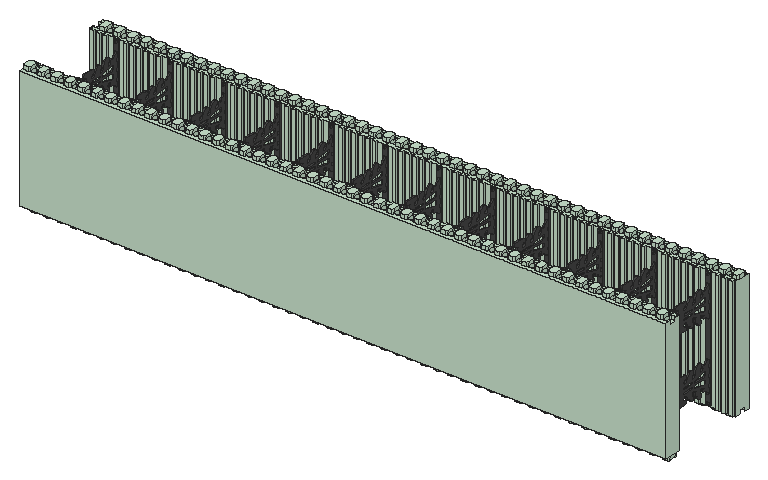
Revit family
Reference planes
  plane 1 "Center (Front/Back)": y = 0
  plane 2: z = 0
  plane 3 "Center (Left/Right)": x = 0
Forms (mm)
  Extrusion 1, solid, material "NUDURA Expanded Polystyrene Foam Insulation"
    sketch origin (0, 0.082, 0) x (1, 0, 0) y (0, 1, 0)
      loop
        line (7.142, 133.35) -> (5.558, 127) -> (19.842, 127) -> (18.258, 133.35) -> (32.542, 133.35) -> (30.958, 127) -> (45.242, 127) -> (43.658, 133.35) -> (57.942, 133.35) -> (56.358, 127) -> (70.642, 127) -> (69.058, 133.35) -> (134.142, 133.35) -> (132.558, 127) -> (146.842, 127) -> (145.258, 133.35) -> (159.542, 133.35) -> (157.958, 127) -> (172.242, 127) -> (170.658, 133.35) -> (184.942, 133.35) -> (183.358, 127) -> (197.642, 127) -> (196.058, 133.35) -> (210.342, 133.35) -> (208.758, 127) -> (223.042, 127) -> (221.458, 133.35) -> (235.742, 133.35) -> (234.158, 127) -> (248.442, 127) -> (246.858, 133.35) -> (261.142, 133.35) -> (259.558, 127) -> (273.842, 127) -> (272.258, 133.35) -> (337.342, 133.35) -> (335.758, 127) -> (350.042, 127) -> (348.458, 133.35) -> (362.742, 133.35) -> (361.158, 127) -> (375.442, 127) -> (373.858, 133.35) -> (388.142, 133.35) -> (386.558, 127) -> (400.842, 127) -> (399.258, 133.35) -> (413.542, 133.35) -> (411.958, 127) -> (426.242, 127) -> (424.658, 133.35) -> (438.942, 133.35) -> (437.358, 127) -> (451.642, 127) -> (450.058, 133.35) -> (464.342, 133.35) -> (462.758, 127) -> (477.042, 127) -> (475.458, 133.35) -> (540.542, 133.35) -> (538.958, 127) -> (553.242, 127) -> (551.658, 133.35) -> (565.942, 133.35) -> (564.358, 127) -> (578.642, 127) -> (577.058, 133.35) -> (591.342, 133.35) -> (589.758, 127) -> (604.042, 127) -> (602.458, 133.35) -> (616.742, 133.35) -> (615.158, 127) -> (629.442, 127) -> (627.858, 133.35) -> (642.142, 133.35) -> (640.558, 127) -> (654.842, 127) -> (653.258, 133.35) -> (667.542, 133.35) -> (665.958, 127) -> (680.242, 127) -> (678.658, 133.35) -> (743.742, 133.35) -> (742.158, 127) -> (756.442, 127) -> (754.858, 133.35) -> (769.142, 133.35) -> (767.558, 127) -> (781.842, 127) -> (780.258, 133.35) -> (794.542, 133.35) -> (792.958, 127) -> (807.242, 127) -> (805.658, 133.35) -> (819.942, 133.35) -> (818.358, 127) -> (832.642, 127) -> (831.058, 133.35) -> (845.342, 133.35) -> (843.758, 127) -> (858.042, 127) -> (856.458, 133.35) -> (870.742, 133.35) -> (869.158, 127) -> (883.442, 127) -> (881.858, 133.35) -> (946.942, 133.35) -> (945.358, 127) -> (959.642, 127) -> (958.058, 133.35) -> (972.342, 133.35) -> (970.758, 127) -> (985.042, 127) -> (983.458, 133.35) -> (997.742, 133.35) -> (996.158, 127) -> (1010.442, 127) -> (1008.858, 133.35) -> (1023.142, 133.35) -> (1021.558, 127) -> (1035.842, 127) -> (1034.258, 133.35) -> (1048.542, 133.35) -> (1046.958, 127) -> (1061.242, 127) -> (1059.658, 133.35) -> (1073.942, 133.35) -> (1072.358, 127) -> (1086.642, 127) -> (1085.058, 133.35) -> (1150.142, 133.35) -> (1148.558, 127) -> (1162.842, 127) -> (1161.258, 133.35) -> (1175.542, 133.35) -> (1173.958, 127) -> (1188.242, 127) -> (1186.658, 133.35) -> (1200.942, 133.35) -> (1199.358, 127) -> (1213.642, 127) -> (1212.058, 133.35) -> (1226.342, 133.35) -> (1224.758, 127) -> (1239.042, 127) -> (1237.458, 133.35) -> (1251.742, 133.35) -> (1250.158, 127) -> (1264.442, 127) -> (1262.858, 133.35) -> (1277.142, 133.35) -> (1275.558, 127) -> (1289.842, 127) -> (1288.258, 133.35) -> (1353.342, 133.35) -> (1351.758, 127) -> (1366.042, 127) -> (1364.458, 133.35) -> (1378.742, 133.35) -> (1377.158, 127) -> (1391.442, 127) -> (1389.858, 133.35) -> (1404.142, 133.35) -> (1402.558, 127) -> (1416.842, 127) -> (1415.258, 133.35) -> (1429.542, 133.35) -> (1427.958, 127) -> (1442.242, 127) -> (1440.658, 133.35) -> (1454.942, 133.35) -> (1453.358, 127) -> (1467.642, 127) -> (1466.058, 133.35) -> (1480.342, 133.35) -> (1478.758, 127) -> (1493.042, 127) -> (1491.458, 133.35) -> (1556.542, 133.35) -> (1554.958, 127) -> (1569.242, 127) -> (1567.658, 133.35) -> (1581.942, 133.35) -> (1580.358, 127) -> (1594.642, 127) -> (1593.058, 133.35) -> (1607.342, 133.35) -> (1605.758, 127) -> (1620.042, 127) -> (1618.458, 133.35) -> (1632.742, 133.35) -> (1631.158, 127) -> (1645.442, 127) -> (1643.858, 133.35) -> (1658.142, 133.35) -> (1656.558, 127) -> (1670.842, 127) -> (1669.258, 133.35) -> (1683.542, 133.35) -> (1681.958, 127) -> (1696.242, 127) -> (1694.658, 133.35) -> (1759.742, 133.35) -> (1758.158, 127) -> (1772.442, 127) -> (1770.858, 133.35) -> (1785.142, 133.35) -> (1783.558, 127) -> (1797.842, 127) -> (1796.258, 133.35) -> (1810.542, 133.35) -> (1808.958, 127) -> (1823.242, 127) -> (1821.658, 133.35) -> (1835.942, 133.35) -> (1834.358, 127) -> (1848.642, 127) -> (1847.058, 133.35) -> (1861.342, 133.35) -> (1859.758, 127) -> (1874.042, 127) -> (1872.458, 133.35) -> (1886.742, 133.35) -> (1885.158, 127) -> (1899.442, 127) -> (1897.858, 133.35) -> (1962.942, 133.35) -> (1961.358, 127) -> (1975.642, 127) -> (1974.058, 133.35) -> (1988.342, 133.35) -> (1986.758, 127) -> (2001.042, 127) -> (1999.458, 133.35) -> (2013.742, 133.35) -> (2012.158, 127) -> (2026.442, 127) -> (2024.858, 133.35) -> (2039.142, 133.35) -> (2037.558, 127) -> (2051.842, 127) -> (2050.258, 133.35) -> (2064.542, 133.35) -> (2062.958, 127) -> (2077.242, 127) -> (2075.658, 133.35) -> (2089.942, 133.35) -> (2088.358, 127) -> (2102.642, 127) -> (2101.058, 133.35) -> (2166.142, 133.35) -> (2164.558, 127) -> (2178.842, 127) -> (2177.258, 133.35) -> (2191.542, 133.35) -> (2189.958, 127) -> (2204.242, 127) -> (2202.658, 133.35) -> (2216.942, 133.35) -> (2215.358, 127) -> (2229.642, 127) -> (2228.058, 133.35) -> (2242.342, 133.35) -> (2240.758, 127) -> (2255.042, 127) -> (2253.458, 133.35) -> (2267.742, 133.35) -> (2266.158, 127) -> (2280.442, 127) -> (2278.858, 133.35) -> (2293.142, 133.35) -> (2291.558, 127) -> (2305.842, 127) -> (2304.258, 133.35) -> (2369.342, 133.35) -> (2367.758, 127) -> (2382.042, 127) -> (2380.458, 133.35) -> (2394.742, 133.35) -> (2393.158, 127) -> (2407.442, 127) -> (2405.858, 133.35) -> (2420.142, 133.35) -> (2418.558, 127) -> (2432.842, 127) -> (2431.258, 133.35) -> (2438.4, 133.35) -> (2438.4, 193.675) -> (0, 193.675) -> (0, 133.35) -> (7.142, 133.35)
      loop
        line (7.142, -133.35) -> (0, -133.35) -> (0, -193.675) -> (2438.4, -193.675) -> (2438.4, -133.35) -> (2431.258, -133.35) -> (2432.842, -127) -> (2418.558, -127) -> (2420.142, -133.35) -> (2405.858, -133.35) -> (2407.442, -127) -> (2393.158, -127) -> (2394.742, -133.35) -> (2380.458, -133.35) -> (2382.042, -127) -> (2367.758, -127) -> (2369.342, -133.35) -> (2304.258, -133.35) -> (2305.842, -127) -> (2291.558, -127) -> (2293.142, -133.35) -> (2278.858, -133.35) -> (2280.442, -127) -> (2266.158, -127) -> (2267.742, -133.35) -> (2253.458, -133.35) -> (2255.042, -127) -> (2240.758, -127) -> (2242.342, -133.35) -> (2228.058, -133.35) -> (2229.642, -127) -> (2215.358, -127) -> (2216.942, -133.35) -> (2202.658, -133.35) -> (2204.242, -127) -> (2189.958, -127) -> (2191.542, -133.35) -> (2177.258, -133.35) -> (2178.842, -127) -> (2164.558, -127) -> (2166.142, -133.35) -> (2101.058, -133.35) -> (2102.642, -127) -> (2088.358, -127) -> (2089.942, -133.35) -> (2075.658, -133.35) -> (2077.242, -127) -> (2062.958, -127) -> (2064.542, -133.35) -> (2050.258, -133.35) -> (2051.842, -127) -> (2037.558, -127) -> (2039.142, -133.35) -> (2024.858, -133.35) -> (2026.442, -127) -> (2012.158, -127) -> (2013.742, -133.35) -> (1999.458, -133.35) -> (2001.042, -127) -> (1986.758, -127) -> (1988.342, -133.35) -> (1974.058, -133.35) -> (1975.642, -127) -> (1961.358, -127) -> (1962.942, -133.35) -> (1897.858, -133.35) -> (1899.442, -127) -> (1885.158, -127) -> (1886.742, -133.35) -> (1872.458, -133.35) -> (1874.042, -127) -> (1859.758, -127) -> (1861.342, -133.35) -> (1847.058, -133.35) -> (1848.642, -127) -> (1834.358, -127) -> (1835.942, -133.35) -> (1821.658, -133.35) -> (1823.242, -127) -> (1808.958, -127) -> (1810.542, -133.35) -> (1796.258, -133.35) -> (1797.842, -127) -> (1783.558, -127) -> (1785.142, -133.35) -> (1770.858, -133.35) -> (1772.442, -127) -> (1758.158, -127) -> (1759.742, -133.35) -> (1694.658, -133.35) -> (1696.242, -127) -> (1681.958, -127) -> (1683.542, -133.35) -> (1669.258, -133.35) -> (1670.842, -127) -> (1656.558, -127) -> (1658.142, -133.35) -> (1643.858, -133.35) -> (1645.442, -127) -> (1631.158, -127) -> (1632.742, -133.35) -> (1618.458, -133.35) -> (1620.042, -127) -> (1605.758, -127) -> (1607.342, -133.35) -> (1593.058, -133.35) -> (1594.642, -127) -> (1580.358, -127) -> (1581.942, -133.35) -> (1567.658, -133.35) -> (1569.242, -127) -> (1554.958, -127) -> (1556.542, -133.35) -> (1491.458, -133.35) -> (1493.042, -127) -> (1478.758, -127) -> (1480.342, -133.35) -> (1466.058, -133.35) -> (1467.642, -127) -> (1453.358, -127) -> (1454.942, -133.35) -> (1440.658, -133.35) -> (1442.242, -127) -> (1427.958, -127) -> (1429.542, -133.35) -> (1415.258, -133.35) -> (1416.842, -127) -> (1402.558, -127) -> (1404.142, -133.35) -> (1389.858, -133.35) -> (1391.442, -127) -> (1377.158, -127) -> (1378.742, -133.35) -> (1364.458, -133.35) -> (1366.042, -127) -> (1351.758, -127) -> (1353.342, -133.35) -> (1288.258, -133.35) -> (1289.842, -127) -> (1275.558, -127) -> (1277.142, -133.35) -> (1262.858, -133.35) -> (1264.442, -127) -> (1250.158, -127) -> (1251.742, -133.35) -> (1237.458, -133.35) -> (1239.042, -127) -> (1224.758, -127) -> (1226.342, -133.35) -> (1212.058, -133.35) -> (1213.642, -127) -> (1199.358, -127) -> (1200.942, -133.35) -> (1186.658, -133.35) -> (1188.242, -127) -> (1173.958, -127) -> (1175.542, -133.35) -> (1161.258, -133.35) -> (1162.842, -127) -> (1148.558, -127) -> (1150.142, -133.35) -> (1085.058, -133.35) -> (1086.642, -127) -> (1072.358, -127) -> (1073.942, -133.35) -> (1059.658, -133.35) -> (1061.242, -127) -> (1046.958, -127) -> (1048.542, -133.35) -> (1034.258, -133.35) -> (1035.842, -127) -> (1021.558, -127) -> (1023.142, -133.35) -> (1008.858, -133.35) -> (1010.442, -127) -> (996.158, -127) -> (997.742, -133.35) -> (983.458, -133.35) -> (985.042, -127) -> (970.758, -127) -> (972.342, -133.35) -> (958.058, -133.35) -> (959.642, -127) -> (945.358, -127) -> (946.942, -133.35) -> (881.858, -133.35) -> (883.442, -127) -> (869.158, -127) -> (870.742, -133.35) -> (856.458, -133.35) -> (858.042, -127) -> (843.758, -127) -> (845.342, -133.35) -> (831.058, -133.35) -> (832.642, -127) -> (818.358, -127) -> (819.942, -133.35) -> (805.658, -133.35) -> (807.242, -127) -> (792.958, -127) -> (794.542, -133.35) -> (780.258, -133.35) -> (781.842, -127) -> (767.558, -127) -> (769.142, -133.35) -> (754.858, -133.35) -> (756.442, -127) -> (742.158, -127) -> (743.742, -133.35) -> (678.658, -133.35) -> (680.242, -127) -> (665.958, -127) -> (667.542, -133.35) -> (653.258, -133.35) -> (654.842, -127) -> (640.558, -127) -> (642.142, -133.35) -> (627.858, -133.35) -> (629.442, -127) -> (615.158, -127) -> (616.742, -133.35) -> (602.458, -133.35) -> (604.042, -127) -> (589.758, -127) -> (591.342, -133.35) -> (577.058, -133.35) -> (578.642, -127) -> (564.358, -127) -> (565.942, -133.35) -> (551.658, -133.35) -> (553.242, -127) -> (538.958, -127) -> (540.542, -133.35) -> (475.458, -133.35) -> (477.042, -127) -> (462.758, -127) -> (464.342, -133.35) -> (450.058, -133.35) -> (451.642, -127) -> (437.358, -127) -> (438.942, -133.35) -> (424.658, -133.35) -> (426.242, -127) -> (411.958, -127) -> (413.542, -133.35) -> (399.258, -133.35) -> (400.842, -127) -> (386.558, -127) -> (388.142, -133.35) -> (373.858, -133.35) -> (375.442, -127) -> (361.158, -127) -> (362.742, -133.35) -> (348.458, -133.35) -> (350.042, -127) -> (335.758, -127) -> (337.342, -133.35) -> (272.258, -133.35) -> (273.842, -127) -> (259.558, -127) -> (261.142, -133.35) -> (246.858, -133.35) -> (248.442, -127) -> (234.158, -127) -> (235.742, -133.35) -> (221.458, -133.35) -> (223.042, -127) -> (208.758, -127) -> (210.342, -133.35) -> (196.058, -133.35) -> (197.642, -127) -> (183.358, -127) -> (184.942, -133.35) -> (170.658, -133.35) -> (172.242, -127) -> (157.958, -127) -> (159.542, -133.35) -> (145.258, -133.35) -> (146.842, -127) -> (132.558, -127) -> (134.142, -133.35) -> (69.058, -133.35) -> (70.642, -127) -> (56.358, -127) -> (57.942, -133.35) -> (43.658, -133.35) -> (45.242, -127) -> (30.958, -127) -> (32.542, -133.35) -> (18.258, -133.35) -> (19.842, -127) -> (5.558, -127) -> (7.142, -133.35)
    from 0 to 457.2
  Extrusion 2, void
    sketch origin (0, -50.718, 0) x (1, 0, 0) y (0, 1, 0)
      loop
        arc (25.4, -124.411) -> (26.615, -128.147) -> (29.796, -130.453) r 6.35
        arc (29.796, -130.453) -> (38.1, -131.763) -> (46.404, -130.453) r 26.987
        arc (46.404, -130.453) -> (49.585, -128.147) -> (50.8, -124.411) r 6.35
        line (50.8, -124.411) -> (50.8, -101.014)
        arc (50.8, -101.014) -> (50.362, -98.696) -> (49.108, -96.698) r 6.35
        arc (49.108, -96.698) -> (48.795, -96.199) -> (48.685, -95.62) r 1.588
        line (48.685, -95.62) -> (48.685, -86.829) -> (44.346, -86.829) -> (44.346, -92.457)
        arc (44.346, -92.457) -> (43.786, -93.668) -> (42.5, -94.024) r 1.587
        arc (42.5, -94.024) -> (36.091, -93.737) -> (29.796, -94.972) r 26.988
        arc (29.796, -94.972) -> (26.615, -97.278) -> (25.4, -101.014) r 6.35
        line (25.4, -101.014) -> (25.4, -124.411)
    from 457.2 to 444.5
  Extrusion 3, void
    sketch origin (50.8, -50.718, 0) x (1, 0, 0) y (0, 1, 0)
      loop
        arc (25.4, -124.411) -> (26.615, -128.147) -> (29.796, -130.453) r 6.35
        arc (29.796, -130.453) -> (38.1, -131.763) -> (46.404, -130.453) r 26.987
        arc (46.404, -130.453) -> (49.585, -128.147) -> (50.8, -124.411) r 6.35
        line (50.8, -124.411) -> (50.8, -101.014)
        arc (50.8, -101.014) -> (50.362, -98.696) -> (49.108, -96.698) r 6.35
        arc (49.108, -96.698) -> (48.795, -96.199) -> (48.685, -95.62) r 1.588
        line (48.685, -95.62) -> (48.685, -86.829) -> (44.346, -86.829) -> (44.346, -92.457)
        arc (44.346, -92.457) -> (43.786, -93.668) -> (42.5, -94.024) r 1.587
        arc (42.5, -94.024) -> (36.091, -93.737) -> (29.796, -94.972) r 26.988
        arc (29.796, -94.972) -> (26.615, -97.278) -> (25.4, -101.014) r 6.35
        line (25.4, -101.014) -> (25.4, -124.411)
    from 457.2 to 444.5
  Extrusion 4, void
    sketch origin (101.6, -50.718, 0) x (1, 0, 0) y (0, 1, 0)
      loop
        arc (25.4, -124.411) -> (26.615, -128.147) -> (29.796, -130.453) r 6.35
        arc (29.796, -130.453) -> (38.1, -131.763) -> (46.404, -130.453) r 26.987
        arc (46.404, -130.453) -> (49.585, -128.147) -> (50.8, -124.411) r 6.35
        line (50.8, -124.411) -> (50.8, -101.014)
        arc (50.8, -101.014) -> (50.362, -98.696) -> (49.108, -96.698) r 6.35
        arc (49.108, -96.698) -> (48.795, -96.199) -> (48.685, -95.62) r 1.588
        line (48.685, -95.62) -> (48.685, -86.829) -> (44.346, -86.829) -> (44.346, -92.457)
        arc (44.346, -92.457) -> (43.786, -93.668) -> (42.5, -94.024) r 1.587
        arc (42.5, -94.024) -> (36.091, -93.737) -> (29.796, -94.972) r 26.988
        arc (29.796, -94.972) -> (26.615, -97.278) -> (25.4, -101.014) r 6.35
        line (25.4, -101.014) -> (25.4, -124.411)
    from 457.2 to 444.5
  Extrusion 5, void
    sketch origin (152.4, -50.718, 0) x (1, 0, 0) y (0, 1, 0)
      loop
        arc (25.4, -124.411) -> (26.615, -128.147) -> (29.796, -130.453) r 6.35
        arc (29.796, -130.453) -> (38.1, -131.763) -> (46.404, -130.453) r 26.987
        arc (46.404, -130.453) -> (49.585, -128.147) -> (50.8, -124.411) r 6.35
        line (50.8, -124.411) -> (50.8, -101.014)
        arc (50.8, -101.014) -> (50.362, -98.696) -> (49.108, -96.698) r 6.35
        arc (49.108, -96.698) -> (48.795, -96.199) -> (48.685, -95.62) r 1.588
        line (48.685, -95.62) -> (48.685, -86.829) -> (44.346, -86.829) -> (44.346, -92.457)
        arc (44.346, -92.457) -> (43.786, -93.668) -> (42.5, -94.024) r 1.587
        arc (42.5, -94.024) -> (36.091, -93.737) -> (29.796, -94.972) r 26.988
        arc (29.796, -94.972) -> (26.615, -97.278) -> (25.4, -101.014) r 6.35
        line (25.4, -101.014) -> (25.4, -124.411)
    from 457.2 to 444.5
  Extrusion 6, void
    sketch origin (203.2, -50.718, 0) x (1, 0, 0) y (0, 1, 0)
      loop
        arc (25.4, -124.411) -> (26.615, -128.147) -> (29.796, -130.453) r 6.35
        arc (29.796, -130.453) -> (38.1, -131.763) -> (46.404, -130.453) r 26.987
        arc (46.404, -130.453) -> (49.585, -128.147) -> (50.8, -124.411) r 6.35
        line (50.8, -124.411) -> (50.8, -101.014)
        arc (50.8, -101.014) -> (50.362, -98.696) -> (49.108, -96.698) r 6.35
        arc (49.108, -96.698) -> (48.795, -96.199) -> (48.685, -95.62) r 1.588
        line (48.685, -95.62) -> (48.685, -86.829) -> (44.346, -86.829) -> (44.346, -92.457)
        arc (44.346, -92.457) -> (43.786, -93.668) -> (42.5, -94.024) r 1.587
        arc (42.5, -94.024) -> (36.091, -93.737) -> (29.796, -94.972) r 26.988
        arc (29.796, -94.972) -> (26.615, -97.278) -> (25.4, -101.014) r 6.35
        line (25.4, -101.014) -> (25.4, -124.411)
    from 457.2 to 444.5
  Extrusion 7, void
    sketch origin (254, -50.718, 0) x (1, 0, 0) y (0, 1, 0)
      loop
        arc (25.4, -124.411) -> (26.615, -128.147) -> (29.796, -130.453) r 6.35
        arc (29.796, -130.453) -> (38.1, -131.763) -> (46.404, -130.453) r 26.987
        arc (46.404, -130.453) -> (49.585, -128.147) -> (50.8, -124.411) r 6.35
        line (50.8, -124.411) -> (50.8, -101.014)
        arc (50.8, -101.014) -> (50.362, -98.696) -> (49.108, -96.698) r 6.35
        arc (49.108, -96.698) -> (48.795, -96.199) -> (48.685, -95.62) r 1.588
        line (48.685, -95.62) -> (48.685, -86.829) -> (44.346, -86.829) -> (44.346, -92.457)
        arc (44.346, -92.457) -> (43.786, -93.668) -> (42.5, -94.024) r 1.587
        arc (42.5, -94.024) -> (36.091, -93.737) -> (29.796, -94.972) r 26.988
        arc (29.796, -94.972) -> (26.615, -97.278) -> (25.4, -101.014) r 6.35
        line (25.4, -101.014) -> (25.4, -124.411)
    from 457.2 to 444.5
  Extrusion 8, void
    sketch origin (304.8, -50.718, 0) x (1, 0, 0) y (0, 1, 0)
      loop
        arc (25.4, -124.411) -> (26.615, -128.147) -> (29.796, -130.453) r 6.35
        arc (29.796, -130.453) -> (38.1, -131.763) -> (46.404, -130.453) r 26.987
        arc (46.404, -130.453) -> (49.585, -128.147) -> (50.8, -124.411) r 6.35
        line (50.8, -124.411) -> (50.8, -101.014)
        arc (50.8, -101.014) -> (50.362, -98.696) -> (49.108, -96.698) r 6.35
        arc (49.108, -96.698) -> (48.795, -96.199) -> (48.685, -95.62) r 1.588
        line (48.685, -95.62) -> (48.685, -86.829) -> (44.346, -86.829) -> (44.346, -92.457)
        arc (44.346, -92.457) -> (43.786, -93.668) -> (42.5, -94.024) r 1.587
        arc (42.5, -94.024) -> (36.091, -93.737) -> (29.796, -94.972) r 26.988
        arc (29.796, -94.972) -> (26.615, -97.278) -> (25.4, -101.014) r 6.35
        line (25.4, -101.014) -> (25.4, -124.411)
    from 457.2 to 444.5
  Extrusion 9, void
    sketch origin (355.6, -50.718, 0) x (1, 0, 0) y (0, 1, 0)
      loop
        arc (25.4, -124.411) -> (26.615, -128.147) -> (29.796, -130.453) r 6.35
        arc (29.796, -130.453) -> (38.1, -131.763) -> (46.404, -130.453) r 26.987
        arc (46.404, -130.453) -> (49.585, -128.147) -> (50.8, -124.411) r 6.35
        line (50.8, -124.411) -> (50.8, -101.014)
        arc (50.8, -101.014) -> (50.362, -98.696) -> (49.108, -96.698) r 6.35
        arc (49.108, -96.698) -> (48.795, -96.199) -> (48.685, -95.62) r 1.588
        line (48.685, -95.62) -> (48.685, -86.829) -> (44.346, -86.829) -> (44.346, -92.457)
        arc (44.346, -92.457) -> (43.786, -93.668) -> (42.5, -94.024) r 1.587
        arc (42.5, -94.024) -> (36.091, -93.737) -> (29.796, -94.972) r 26.988
        arc (29.796, -94.972) -> (26.615, -97.278) -> (25.4, -101.014) r 6.35
        line (25.4, -101.014) -> (25.4, -124.411)
    from 457.2 to 444.5
  Extrusion 10, void
    sketch origin (406.4, -50.718, 0) x (1, 0, 0) y (0, 1, 0)
      loop
        arc (25.4, -124.411) -> (26.615, -128.147) -> (29.796, -130.453) r 6.35
        arc (29.796, -130.453) -> (38.1, -131.763) -> (46.404, -130.453) r 26.987
        arc (46.404, -130.453) -> (49.585, -128.147) -> (50.8, -124.411) r 6.35
        line (50.8, -124.411) -> (50.8, -101.014)
        arc (50.8, -101.014) -> (50.362, -98.696) -> (49.108, -96.698) r 6.35
        arc (49.108, -96.698) -> (48.795, -96.199) -> (48.685, -95.62) r 1.588
        line (48.685, -95.62) -> (48.685, -86.829) -> (44.346, -86.829) -> (44.346, -92.457)
        arc (44.346, -92.457) -> (43.786, -93.668) -> (42.5, -94.024) r 1.587
        arc (42.5, -94.024) -> (36.091, -93.737) -> (29.796, -94.972) r 26.988
        arc (29.796, -94.972) -> (26.615, -97.278) -> (25.4, -101.014) r 6.35
        line (25.4, -101.014) -> (25.4, -124.411)
    from 457.2 to 444.5
  Extrusion 11, void
    sketch origin (457.2, -50.718, 0) x (1, 0, 0) y (0, 1, 0)
      loop
        arc (25.4, -124.411) -> (26.615, -128.147) -> (29.796, -130.453) r 6.35
        arc (29.796, -130.453) -> (38.1, -131.763) -> (46.404, -130.453) r 26.987
        arc (46.404, -130.453) -> (49.585, -128.147) -> (50.8, -124.411) r 6.35
        line (50.8, -124.411) -> (50.8, -101.014)
        arc (50.8, -101.014) -> (50.362, -98.696) -> (49.108, -96.698) r 6.35
        arc (49.108, -96.698) -> (48.795, -96.199) -> (48.685, -95.62) r 1.588
        line (48.685, -95.62) -> (48.685, -86.829) -> (44.346, -86.829) -> (44.346, -92.457)
        arc (44.346, -92.457) -> (43.786, -93.668) -> (42.5, -94.024) r 1.587
        arc (42.5, -94.024) -> (36.091, -93.737) -> (29.796, -94.972) r 26.988
        arc (29.796, -94.972) -> (26.615, -97.278) -> (25.4, -101.014) r 6.35
        line (25.4, -101.014) -> (25.4, -124.411)
    from 457.2 to 444.5
  Extrusion 12, void
    sketch origin (508, -50.718, 0) x (1, 0, 0) y (0, 1, 0)
      loop
        arc (25.4, -124.411) -> (26.615, -128.147) -> (29.796, -130.453) r 6.35
        arc (29.796, -130.453) -> (38.1, -131.763) -> (46.404, -130.453) r 26.987
        arc (46.404, -130.453) -> (49.585, -128.147) -> (50.8, -124.411) r 6.35
        line (50.8, -124.411) -> (50.8, -101.014)
        arc (50.8, -101.014) -> (50.362, -98.696) -> (49.108, -96.698) r 6.35
        arc (49.108, -96.698) -> (48.795, -96.199) -> (48.685, -95.62) r 1.588
        line (48.685, -95.62) -> (48.685, -86.829) -> (44.346, -86.829) -> (44.346, -92.457)
        arc (44.346, -92.457) -> (43.786, -93.668) -> (42.5, -94.024) r 1.587
        arc (42.5, -94.024) -> (36.091, -93.737) -> (29.796, -94.972) r 26.988
        arc (29.796, -94.972) -> (26.615, -97.278) -> (25.4, -101.014) r 6.35
        line (25.4, -101.014) -> (25.4, -124.411)
    from 457.2 to 444.5
  Extrusion 13, void
    sketch origin (558.8, -50.718, 0) x (1, 0, 0) y (0, 1, 0)
      loop
        arc (25.4, -124.411) -> (26.615, -128.147) -> (29.796, -130.453) r 6.35
        arc (29.796, -130.453) -> (38.1, -131.763) -> (46.404, -130.453) r 26.987
        arc (46.404, -130.453) -> (49.585, -128.147) -> (50.8, -124.411) r 6.35
        line (50.8, -124.411) -> (50.8, -101.014)
        arc (50.8, -101.014) -> (50.362, -98.696) -> (49.108, -96.698) r 6.35
        arc (49.108, -96.698) -> (48.795, -96.199) -> (48.685, -95.62) r 1.588
        line (48.685, -95.62) -> (48.685, -86.829) -> (44.346, -86.829) -> (44.346, -92.457)
        arc (44.346, -92.457) -> (43.786, -93.668) -> (42.5, -94.024) r 1.587
        arc (42.5, -94.024) -> (36.091, -93.737) -> (29.796, -94.972) r 26.988
        arc (29.796, -94.972) -> (26.615, -97.278) -> (25.4, -101.014) r 6.35
        line (25.4, -101.014) -> (25.4, -124.411)
    from 457.2 to 444.5
  Extrusion 14, void
    sketch origin (609.6, -50.718, 0) x (1, 0, 0) y (0, 1, 0)
      loop
        arc (25.4, -124.411) -> (26.615, -128.147) -> (29.796, -130.453) r 6.35
        arc (29.796, -130.453) -> (38.1, -131.763) -> (46.404, -130.453) r 26.987
        arc (46.404, -130.453) -> (49.585, -128.147) -> (50.8, -124.411) r 6.35
        line (50.8, -124.411) -> (50.8, -101.014)
        arc (50.8, -101.014) -> (50.362, -98.696) -> (49.108, -96.698) r 6.35
        arc (49.108, -96.698) -> (48.795, -96.199) -> (48.685, -95.62) r 1.588
        line (48.685, -95.62) -> (48.685, -86.829) -> (44.346, -86.829) -> (44.346, -92.457)
        arc (44.346, -92.457) -> (43.786, -93.668) -> (42.5, -94.024) r 1.587
        arc (42.5, -94.024) -> (36.091, -93.737) -> (29.796, -94.972) r 26.988
        arc (29.796, -94.972) -> (26.615, -97.278) -> (25.4, -101.014) r 6.35
        line (25.4, -101.014) -> (25.4, -124.411)
    from 457.2 to 444.5
  Extrusion 15, void
    sketch origin (660.4, -50.718, 0) x (1, 0, 0) y (0, 1, 0)
      loop
        arc (25.4, -124.411) -> (26.615, -128.147) -> (29.796, -130.453) r 6.35
        arc (29.796, -130.453) -> (38.1, -131.763) -> (46.404, -130.453) r 26.987
        arc (46.404, -130.453) -> (49.585, -128.147) -> (50.8, -124.411) r 6.35
        line (50.8, -124.411) -> (50.8, -101.014)
        arc (50.8, -101.014) -> (50.362, -98.696) -> (49.108, -96.698) r 6.35
        arc (49.108, -96.698) -> (48.795, -96.199) -> (48.685, -95.62) r 1.588
        line (48.685, -95.62) -> (48.685, -86.829) -> (44.346, -86.829) -> (44.346, -92.457)
        arc (44.346, -92.457) -> (43.786, -93.668) -> (42.5, -94.024) r 1.587
        arc (42.5, -94.024) -> (36.091, -93.737) -> (29.796, -94.972) r 26.988
        arc (29.796, -94.972) -> (26.615, -97.278) -> (25.4, -101.014) r 6.35
        line (25.4, -101.014) -> (25.4, -124.411)
    from 457.2 to 444.5
  Extrusion 16, void
    sketch origin (711.2, -50.718, 0) x (1, 0, 0) y (0, 1, 0)
      loop
        arc (25.4, -124.411) -> (26.615, -128.147) -> (29.796, -130.453) r 6.35
        arc (29.796, -130.453) -> (38.1, -131.763) -> (46.404, -130.453) r 26.987
        arc (46.404, -130.453) -> (49.585, -128.147) -> (50.8, -124.411) r 6.35
        line (50.8, -124.411) -> (50.8, -101.014)
        arc (50.8, -101.014) -> (50.362, -98.696) -> (49.108, -96.698) r 6.35
        arc (49.108, -96.698) -> (48.795, -96.199) -> (48.685, -95.62) r 1.588
        line (48.685, -95.62) -> (48.685, -86.829) -> (44.346, -86.829) -> (44.346, -92.457)
        arc (44.346, -92.457) -> (43.786, -93.668) -> (42.5, -94.024) r 1.587
        arc (42.5, -94.024) -> (36.091, -93.737) -> (29.796, -94.972) r 26.988
        arc (29.796, -94.972) -> (26.615, -97.278) -> (25.4, -101.014) r 6.35
        line (25.4, -101.014) -> (25.4, -124.411)
    from 457.2 to 444.5
  Extrusion 17, void
    sketch origin (762, -50.718, 0) x (1, 0, 0) y (0, 1, 0)
      loop
        arc (25.4, -124.411) -> (26.615, -128.147) -> (29.796, -130.453) r 6.35
        arc (29.796, -130.453) -> (38.1, -131.763) -> (46.404, -130.453) r 26.987
        arc (46.404, -130.453) -> (49.585, -128.147) -> (50.8, -124.411) r 6.35
        line (50.8, -124.411) -> (50.8, -101.014)
        arc (50.8, -101.014) -> (50.362, -98.696) -> (49.108, -96.698) r 6.35
        arc (49.108, -96.698) -> (48.795, -96.199) -> (48.685, -95.62) r 1.588
        line (48.685, -95.62) -> (48.685, -86.829) -> (44.346, -86.829) -> (44.346, -92.457)
        arc (44.346, -92.457) -> (43.786, -93.668) -> (42.5, -94.024) r 1.587
        arc (42.5, -94.024) -> (36.091, -93.737) -> (29.796, -94.972) r 26.988
        arc (29.796, -94.972) -> (26.615, -97.278) -> (25.4, -101.014) r 6.35
        line (25.4, -101.014) -> (25.4, -124.411)
    from 457.2 to 444.5
  Extrusion 18, void
    sketch origin (812.8, -50.718, 0) x (1, 0, 0) y (0, 1, 0)
      loop
        arc (25.4, -124.411) -> (26.615, -128.147) -> (29.796, -130.453) r 6.35
        arc (29.796, -130.453) -> (38.1, -131.763) -> (46.404, -130.453) r 26.987
        arc (46.404, -130.453) -> (49.585, -128.147) -> (50.8, -124.411) r 6.35
        line (50.8, -124.411) -> (50.8, -101.014)
        arc (50.8, -101.014) -> (50.362, -98.696) -> (49.108, -96.698) r 6.35
        arc (49.108, -96.698) -> (48.795, -96.199) -> (48.685, -95.62) r 1.588
        line (48.685, -95.62) -> (48.685, -86.829) -> (44.346, -86.829) -> (44.346, -92.457)
        arc (44.346, -92.457) -> (43.786, -93.668) -> (42.5, -94.024) r 1.587
        arc (42.5, -94.024) -> (36.091, -93.737) -> (29.796, -94.972) r 26.988
        arc (29.796, -94.972) -> (26.615, -97.278) -> (25.4, -101.014) r 6.35
        line (25.4, -101.014) -> (25.4, -124.411)
    from 457.2 to 444.5
  Extrusion 19, void
    sketch origin (863.6, -50.718, 0) x (1, 0, 0) y (0, 1, 0)
      loop
        arc (25.4, -124.411) -> (26.615, -128.147) -> (29.796, -130.453) r 6.35
        arc (29.796, -130.453) -> (38.1, -131.763) -> (46.404, -130.453) r 26.987
        arc (46.404, -130.453) -> (49.585, -128.147) -> (50.8, -124.411) r 6.35
        line (50.8, -124.411) -> (50.8, -101.014)
        arc (50.8, -101.014) -> (50.362, -98.696) -> (49.108, -96.698) r 6.35
        arc (49.108, -96.698) -> (48.795, -96.199) -> (48.685, -95.62) r 1.588
        line (48.685, -95.62) -> (48.685, -86.829) -> (44.346, -86.829) -> (44.346, -92.457)
        arc (44.346, -92.457) -> (43.786, -93.668) -> (42.5, -94.024) r 1.587
        arc (42.5, -94.024) -> (36.091, -93.737) -> (29.796, -94.972) r 26.988
        arc (29.796, -94.972) -> (26.615, -97.278) -> (25.4, -101.014) r 6.35
        line (25.4, -101.014) -> (25.4, -124.411)
    from 457.2 to 444.5
  Extrusion 20, void
    sketch origin (914.4, -50.718, 0) x (1, 0, 0) y (0, 1, 0)
      loop
        arc (25.4, -124.411) -> (26.615, -128.147) -> (29.796, -130.453) r 6.35
        arc (29.796, -130.453) -> (38.1, -131.763) -> (46.404, -130.453) r 26.987
        arc (46.404, -130.453) -> (49.585, -128.147) -> (50.8, -124.411) r 6.35
        line (50.8, -124.411) -> (50.8, -101.014)
        arc (50.8, -101.014) -> (50.362, -98.696) -> (49.108, -96.698) r 6.35
        arc (49.108, -96.698) -> (48.795, -96.199) -> (48.685, -95.62) r 1.588
        line (48.685, -95.62) -> (48.685, -86.829) -> (44.346, -86.829) -> (44.346, -92.457)
        arc (44.346, -92.457) -> (43.786, -93.668) -> (42.5, -94.024) r 1.587
        arc (42.5, -94.024) -> (36.091, -93.737) -> (29.796, -94.972) r 26.988
        arc (29.796, -94.972) -> (26.615, -97.278) -> (25.4, -101.014) r 6.35
        line (25.4, -101.014) -> (25.4, -124.411)
    from 457.2 to 444.5
  Extrusion 21, void
    sketch origin (965.2, -50.718, 0) x (1, 0, 0) y (0, 1, 0)
      loop
        arc (25.4, -124.411) -> (26.615, -128.147) -> (29.796, -130.453) r 6.35
        arc (29.796, -130.453) -> (38.1, -131.763) -> (46.404, -130.453) r 26.987
        arc (46.404, -130.453) -> (49.585, -128.147) -> (50.8, -124.411) r 6.35
        line (50.8, -124.411) -> (50.8, -101.014)
        arc (50.8, -101.014) -> (50.362, -98.696) -> (49.108, -96.698) r 6.35
        arc (49.108, -96.698) -> (48.795, -96.199) -> (48.685, -95.62) r 1.588
        line (48.685, -95.62) -> (48.685, -86.829) -> (44.346, -86.829) -> (44.346, -92.457)
        arc (44.346, -92.457) -> (43.786, -93.668) -> (42.5, -94.024) r 1.587
        arc (42.5, -94.024) -> (36.091, -93.737) -> (29.796, -94.972) r 26.988
        arc (29.796, -94.972) -> (26.615, -97.278) -> (25.4, -101.014) r 6.35
        line (25.4, -101.014) -> (25.4, -124.411)
    from 457.2 to 444.5
  Extrusion 22, void
    sketch origin (1016, -50.718, 0) x (1, 0, 0) y (0, 1, 0)
      loop
        arc (25.4, -124.411) -> (26.615, -128.147) -> (29.796, -130.453) r 6.35
        arc (29.796, -130.453) -> (38.1, -131.763) -> (46.404, -130.453) r 26.987
        arc (46.404, -130.453) -> (49.585, -128.147) -> (50.8, -124.411) r 6.35
        line (50.8, -124.411) -> (50.8, -101.014)
        arc (50.8, -101.014) -> (50.362, -98.696) -> (49.108, -96.698) r 6.35
        arc (49.108, -96.698) -> (48.795, -96.199) -> (48.685, -95.62) r 1.588
        line (48.685, -95.62) -> (48.685, -86.829) -> (44.346, -86.829) -> (44.346, -92.457)
        arc (44.346, -92.457) -> (43.786, -93.668) -> (42.5, -94.024) r 1.587
        arc (42.5, -94.024) -> (36.091, -93.737) -> (29.796, -94.972) r 26.988
        arc (29.796, -94.972) -> (26.615, -97.278) -> (25.4, -101.014) r 6.35
        line (25.4, -101.014) -> (25.4, -124.411)
    from 457.2 to 444.5
  Extrusion 23, void
    sketch origin (1066.8, -50.718, 0) x (1, 0, 0) y (0, 1, 0)
      loop
        arc (25.4, -124.411) -> (26.615, -128.147) -> (29.796, -130.453) r 6.35
        arc (29.796, -130.453) -> (38.1, -131.763) -> (46.404, -130.453) r 26.987
        arc (46.404, -130.453) -> (49.585, -128.147) -> (50.8, -124.411) r 6.35
        line (50.8, -124.411) -> (50.8, -101.014)
        arc (50.8, -101.014) -> (50.362, -98.696) -> (49.108, -96.698) r 6.35
        arc (49.108, -96.698) -> (48.795, -96.199) -> (48.685, -95.62) r 1.588
        line (48.685, -95.62) -> (48.685, -86.829) -> (44.346, -86.829) -> (44.346, -92.457)
        arc (44.346, -92.457) -> (43.786, -93.668) -> (42.5, -94.024) r 1.587
        arc (42.5, -94.024) -> (36.091, -93.737) -> (29.796, -94.972) r 26.988
        arc (29.796, -94.972) -> (26.615, -97.278) -> (25.4, -101.014) r 6.35
        line (25.4, -101.014) -> (25.4, -124.411)
    from 457.2 to 444.5
  Extrusion 24, void
    sketch origin (1117.6, -50.718, 0) x (1, 0, 0) y (0, 1, 0)
      loop
        arc (25.4, -124.411) -> (26.615, -128.147) -> (29.796, -130.453) r 6.35
        arc (29.796, -130.453) -> (38.1, -131.763) -> (46.404, -130.453) r 26.987
        arc (46.404, -130.453) -> (49.585, -128.147) -> (50.8, -124.411) r 6.35
        line (50.8, -124.411) -> (50.8, -101.014)
        arc (50.8, -101.014) -> (50.362, -98.696) -> (49.108, -96.698) r 6.35
        arc (49.108, -96.698) -> (48.795, -96.199) -> (48.685, -95.62) r 1.588
        line (48.685, -95.62) -> (48.685, -86.829) -> (44.346, -86.829) -> (44.346, -92.457)
        arc (44.346, -92.457) -> (43.786, -93.668) -> (42.5, -94.024) r 1.587
        arc (42.5, -94.024) -> (36.091, -93.737) -> (29.796, -94.972) r 26.988
        arc (29.796, -94.972) -> (26.615, -97.278) -> (25.4, -101.014) r 6.35
        line (25.4, -101.014) -> (25.4, -124.411)
    from 457.2 to 444.5
  Extrusion 25, void
    sketch origin (1168.4, -50.718, 0) x (1, 0, 0) y (0, 1, 0)
      loop
        arc (25.4, -124.411) -> (26.615, -128.147) -> (29.796, -130.453) r 6.35
        arc (29.796, -130.453) -> (38.1, -131.763) -> (46.404, -130.453) r 26.987
        arc (46.404, -130.453) -> (49.585, -128.147) -> (50.8, -124.411) r 6.35
        line (50.8, -124.411) -> (50.8, -101.014)
        arc (50.8, -101.014) -> (50.362, -98.696) -> (49.108, -96.698) r 6.35
        arc (49.108, -96.698) -> (48.795, -96.199) -> (48.685, -95.62) r 1.588
        line (48.685, -95.62) -> (48.685, -86.829) -> (44.346, -86.829) -> (44.346, -92.457)
        arc (44.346, -92.457) -> (43.786, -93.668) -> (42.5, -94.024) r 1.587
        arc (42.5, -94.024) -> (36.091, -93.737) -> (29.796, -94.972) r 26.988
        arc (29.796, -94.972) -> (26.615, -97.278) -> (25.4, -101.014) r 6.35
        line (25.4, -101.014) -> (25.4, -124.411)
    from 457.2 to 444.5
  Extrusion 26, void
    sketch origin (1219.2, -50.718, 0) x (1, 0, 0) y (0, 1, 0)
      loop
        arc (25.4, -124.411) -> (26.615, -128.147) -> (29.796, -130.453) r 6.35
        arc (29.796, -130.453) -> (38.1, -131.763) -> (46.404, -130.453) r 26.987
        arc (46.404, -130.453) -> (49.585, -128.147) -> (50.8, -124.411) r 6.35
        line (50.8, -124.411) -> (50.8, -101.014)
        arc (50.8, -101.014) -> (50.362, -98.696) -> (49.108, -96.698) r 6.35
        arc (49.108, -96.698) -> (48.795, -96.199) -> (48.685, -95.62) r 1.588
        line (48.685, -95.62) -> (48.685, -86.829) -> (44.346, -86.829) -> (44.346, -92.457)
        arc (44.346, -92.457) -> (43.786, -93.668) -> (42.5, -94.024) r 1.587
        arc (42.5, -94.024) -> (36.091, -93.737) -> (29.796, -94.972) r 26.988
        arc (29.796, -94.972) -> (26.615, -97.278) -> (25.4, -101.014) r 6.35
        line (25.4, -101.014) -> (25.4, -124.411)
    from 457.2 to 444.5
  Extrusion 27, void
    sketch origin (1270, -50.718, 0) x (1, 0, 0) y (0, 1, 0)
      loop
        arc (25.4, -124.411) -> (26.615, -128.147) -> (29.796, -130.453) r 6.35
        arc (29.796, -130.453) -> (38.1, -131.763) -> (46.404, -130.453) r 26.987
        arc (46.404, -130.453) -> (49.585, -128.147) -> (50.8, -124.411) r 6.35
        line (50.8, -124.411) -> (50.8, -101.014)
        arc (50.8, -101.014) -> (50.362, -98.696) -> (49.108, -96.698) r 6.35
        arc (49.108, -96.698) -> (48.795, -96.199) -> (48.685, -95.62) r 1.588
        line (48.685, -95.62) -> (48.685, -86.829) -> (44.346, -86.829) -> (44.346, -92.457)
        arc (44.346, -92.457) -> (43.786, -93.668) -> (42.5, -94.024) r 1.587
        arc (42.5, -94.024) -> (36.091, -93.737) -> (29.796, -94.972) r 26.988
        arc (29.796, -94.972) -> (26.615, -97.278) -> (25.4, -101.014) r 6.35
        line (25.4, -101.014) -> (25.4, -124.411)
    from 457.2 to 444.5
  Extrusion 28, void
    sketch origin (1320.8, -50.718, 0) x (1, 0, 0) y (0, 1, 0)
      loop
        arc (25.4, -124.411) -> (26.615, -128.147) -> (29.796, -130.453) r 6.35
        arc (29.796, -130.453) -> (38.1, -131.763) -> (46.404, -130.453) r 26.987
        arc (46.404, -130.453) -> (49.585, -128.147) -> (50.8, -124.411) r 6.35
        line (50.8, -124.411) -> (50.8, -101.014)
        arc (50.8, -101.014) -> (50.362, -98.696) -> (49.108, -96.698) r 6.35
        arc (49.108, -96.698) -> (48.795, -96.199) -> (48.685, -95.62) r 1.588
        line (48.685, -95.62) -> (48.685, -86.829) -> (44.346, -86.829) -> (44.346, -92.457)
        arc (44.346, -92.457) -> (43.786, -93.668) -> (42.5, -94.024) r 1.587
        arc (42.5, -94.024) -> (36.091, -93.737) -> (29.796, -94.972) r 26.988
        arc (29.796, -94.972) -> (26.615, -97.278) -> (25.4, -101.014) r 6.35
        line (25.4, -101.014) -> (25.4, -124.411)
    from 457.2 to 444.5
  Extrusion 29, void
    sketch origin (1371.6, -50.718, 0) x (1, 0, 0) y (0, 1, 0)
      loop
        arc (25.4, -124.411) -> (26.615, -128.147) -> (29.796, -130.453) r 6.35
        arc (29.796, -130.453) -> (38.1, -131.763) -> (46.404, -130.453) r 26.987
        arc (46.404, -130.453) -> (49.585, -128.147) -> (50.8, -124.411) r 6.35
        line (50.8, -124.411) -> (50.8, -101.014)
        arc (50.8, -101.014) -> (50.362, -98.696) -> (49.108, -96.698) r 6.35
        arc (49.108, -96.698) -> (48.795, -96.199) -> (48.685, -95.62) r 1.588
        line (48.685, -95.62) -> (48.685, -86.829) -> (44.346, -86.829) -> (44.346, -92.457)
        arc (44.346, -92.457) -> (43.786, -93.668) -> (42.5, -94.024) r 1.587
        arc (42.5, -94.024) -> (36.091, -93.737) -> (29.796, -94.972) r 26.988
        arc (29.796, -94.972) -> (26.615, -97.278) -> (25.4, -101.014) r 6.35
        line (25.4, -101.014) -> (25.4, -124.411)
    from 457.2 to 444.5
  Extrusion 30, void
    sketch origin (1422.4, -50.718, 0) x (1, 0, 0) y (0, 1, 0)
      loop
        arc (25.4, -124.411) -> (26.615, -128.147) -> (29.796, -130.453) r 6.35
        arc (29.796, -130.453) -> (38.1, -131.763) -> (46.404, -130.453) r 26.987
        arc (46.404, -130.453) -> (49.585, -128.147) -> (50.8, -124.411) r 6.35
        line (50.8, -124.411) -> (50.8, -101.014)
        arc (50.8, -101.014) -> (50.362, -98.696) -> (49.108, -96.698) r 6.35
        arc (49.108, -96.698) -> (48.795, -96.199) -> (48.685, -95.62) r 1.588
        line (48.685, -95.62) -> (48.685, -86.829) -> (44.346, -86.829) -> (44.346, -92.457)
        arc (44.346, -92.457) -> (43.786, -93.668) -> (42.5, -94.024) r 1.587
        arc (42.5, -94.024) -> (36.091, -93.737) -> (29.796, -94.972) r 26.988
        arc (29.796, -94.972) -> (26.615, -97.278) -> (25.4, -101.014) r 6.35
        line (25.4, -101.014) -> (25.4, -124.411)
    from 457.2 to 444.5
  Extrusion 31, void
    sketch origin (1473.2, -50.718, 0) x (1, 0, 0) y (0, 1, 0)
      loop
        arc (25.4, -124.411) -> (26.615, -128.147) -> (29.796, -130.453) r 6.35
        arc (29.796, -130.453) -> (38.1, -131.763) -> (46.404, -130.453) r 26.987
        arc (46.404, -130.453) -> (49.585, -128.147) -> (50.8, -124.411) r 6.35
        line (50.8, -124.411) -> (50.8, -101.014)
        arc (50.8, -101.014) -> (50.362, -98.696) -> (49.108, -96.698) r 6.35
        arc (49.108, -96.698) -> (48.795, -96.199) -> (48.685, -95.62) r 1.588
        line (48.685, -95.62) -> (48.685, -86.829) -> (44.346, -86.829) -> (44.346, -92.457)
        arc (44.346, -92.457) -> (43.786, -93.668) -> (42.5, -94.024) r 1.587
        arc (42.5, -94.024) -> (36.091, -93.737) -> (29.796, -94.972) r 26.988
        arc (29.796, -94.972) -> (26.615, -97.278) -> (25.4, -101.014) r 6.35
        line (25.4, -101.014) -> (25.4, -124.411)
    from 457.2 to 444.5
  Extrusion 32, void
    sketch origin (1524, -50.718, 0) x (1, 0, 0) y (0, 1, 0)
      loop
        arc (25.4, -124.411) -> (26.615, -128.147) -> (29.796, -130.453) r 6.35
        arc (29.796, -130.453) -> (38.1, -131.763) -> (46.404, -130.453) r 26.987
        arc (46.404, -130.453) -> (49.585, -128.147) -> (50.8, -124.411) r 6.35
        line (50.8, -124.411) -> (50.8, -101.014)
        arc (50.8, -101.014) -> (50.362, -98.696) -> (49.108, -96.698) r 6.35
        arc (49.108, -96.698) -> (48.795, -96.199) -> (48.685, -95.62) r 1.588
        line (48.685, -95.62) -> (48.685, -86.829) -> (44.346, -86.829) -> (44.346, -92.457)
        arc (44.346, -92.457) -> (43.786, -93.668) -> (42.5, -94.024) r 1.587
        arc (42.5, -94.024) -> (36.091, -93.737) -> (29.796, -94.972) r 26.988
        arc (29.796, -94.972) -> (26.615, -97.278) -> (25.4, -101.014) r 6.35
        line (25.4, -101.014) -> (25.4, -124.411)
    from 457.2 to 444.5
  Extrusion 33, void
    sketch origin (1574.8, -50.718, 0) x (1, 0, 0) y (0, 1, 0)
      loop
        arc (25.4, -124.411) -> (26.615, -128.147) -> (29.796, -130.453) r 6.35
        arc (29.796, -130.453) -> (38.1, -131.763) -> (46.404, -130.453) r 26.987
        arc (46.404, -130.453) -> (49.585, -128.147) -> (50.8, -124.411) r 6.35
        line (50.8, -124.411) -> (50.8, -101.014)
        arc (50.8, -101.014) -> (50.362, -98.696) -> (49.108, -96.698) r 6.35
        arc (49.108, -96.698) -> (48.795, -96.199) -> (48.685, -95.62) r 1.588
        line (48.685, -95.62) -> (48.685, -86.829) -> (44.346, -86.829) -> (44.346, -92.457)
        arc (44.346, -92.457) -> (43.786, -93.668) -> (42.5, -94.024) r 1.587
        arc (42.5, -94.024) -> (36.091, -93.737) -> (29.796, -94.972) r 26.988
        arc (29.796, -94.972) -> (26.615, -97.278) -> (25.4, -101.014) r 6.35
        line (25.4, -101.014) -> (25.4, -124.411)
    from 457.2 to 444.5
  Extrusion 34, void
    sketch origin (1625.6, -50.718, 0) x (1, 0, 0) y (0, 1, 0)
      loop
        arc (25.4, -124.411) -> (26.615, -128.147) -> (29.796, -130.453) r 6.35
        arc (29.796, -130.453) -> (38.1, -131.763) -> (46.404, -130.453) r 26.987
        arc (46.404, -130.453) -> (49.585, -128.147) -> (50.8, -124.411) r 6.35
        line (50.8, -124.411) -> (50.8, -101.014)
        arc (50.8, -101.014) -> (50.362, -98.696) -> (49.108, -96.698) r 6.35
        arc (49.108, -96.698) -> (48.795, -96.199) -> (48.685, -95.62) r 1.588
        line (48.685, -95.62) -> (48.685, -86.829) -> (44.346, -86.829) -> (44.346, -92.457)
        arc (44.346, -92.457) -> (43.786, -93.668) -> (42.5, -94.024) r 1.587
        arc (42.5, -94.024) -> (36.091, -93.737) -> (29.796, -94.972) r 26.988
        arc (29.796, -94.972) -> (26.615, -97.278) -> (25.4, -101.014) r 6.35
        line (25.4, -101.014) -> (25.4, -124.411)
    from 457.2 to 444.5
  Extrusion 35, void
    sketch origin (1676.4, -50.718, 0) x (1, 0, 0) y (0, 1, 0)
      loop
        arc (25.4, -124.411) -> (26.615, -128.147) -> (29.796, -130.453) r 6.35
        arc (29.796, -130.453) -> (38.1, -131.763) -> (46.404, -130.453) r 26.987
        arc (46.404, -130.453) -> (49.585, -128.147) -> (50.8, -124.411) r 6.35
        line (50.8, -124.411) -> (50.8, -101.014)
        arc (50.8, -101.014) -> (50.362, -98.696) -> (49.108, -96.698) r 6.35
        arc (49.108, -96.698) -> (48.795, -96.199) -> (48.685, -95.62) r 1.588
        line (48.685, -95.62) -> (48.685, -86.829) -> (44.346, -86.829) -> (44.346, -92.457)
        arc (44.346, -92.457) -> (43.786, -93.668) -> (42.5, -94.024) r 1.587
        arc (42.5, -94.024) -> (36.091, -93.737) -> (29.796, -94.972) r 26.988
        arc (29.796, -94.972) -> (26.615, -97.278) -> (25.4, -101.014) r 6.35
        line (25.4, -101.014) -> (25.4, -124.411)
    from 457.2 to 444.5
  Extrusion 36, void
    sketch origin (1727.2, -50.718, 0) x (1, 0, 0) y (0, 1, 0)
      loop
        arc (25.4, -124.411) -> (26.615, -128.147) -> (29.796, -130.453) r 6.35
        arc (29.796, -130.453) -> (38.1, -131.763) -> (46.404, -130.453) r 26.987
        arc (46.404, -130.453) -> (49.585, -128.147) -> (50.8, -124.411) r 6.35
        line (50.8, -124.411) -> (50.8, -101.014)
        arc (50.8, -101.014) -> (50.362, -98.696) -> (49.108, -96.698) r 6.35
        arc (49.108, -96.698) -> (48.795, -96.199) -> (48.685, -95.62) r 1.588
        line (48.685, -95.62) -> (48.685, -86.829) -> (44.346, -86.829) -> (44.346, -92.457)
        arc (44.346, -92.457) -> (43.786, -93.668) -> (42.5, -94.024) r 1.587
        arc (42.5, -94.024) -> (36.091, -93.737) -> (29.796, -94.972) r 26.988
        arc (29.796, -94.972) -> (26.615, -97.278) -> (25.4, -101.014) r 6.35
        line (25.4, -101.014) -> (25.4, -124.411)
    from 457.2 to 444.5
  Extrusion 37, void
    sketch origin (1778, -50.718, 0) x (1, 0, 0) y (0, 1, 0)
      loop
        arc (25.4, -124.411) -> (26.615, -128.147) -> (29.796, -130.453) r 6.35
        arc (29.796, -130.453) -> (38.1, -131.763) -> (46.404, -130.453) r 26.987
        arc (46.404, -130.453) -> (49.585, -128.147) -> (50.8, -124.411) r 6.35
        line (50.8, -124.411) -> (50.8, -101.014)
        arc (50.8, -101.014) -> (50.362, -98.696) -> (49.108, -96.698) r 6.35
        arc (49.108, -96.698) -> (48.795, -96.199) -> (48.685, -95.62) r 1.588
        line (48.685, -95.62) -> (48.685, -86.829) -> (44.346, -86.829) -> (44.346, -92.457)
        arc (44.346, -92.457) -> (43.786, -93.668) -> (42.5, -94.024) r 1.587
        arc (42.5, -94.024) -> (36.091, -93.737) -> (29.796, -94.972) r 26.988
        arc (29.796, -94.972) -> (26.615, -97.278) -> (25.4, -101.014) r 6.35
        line (25.4, -101.014) -> (25.4, -124.411)
    from 457.2 to 444.5
  Extrusion 38, void
    sketch origin (1828.8, -50.718, 0) x (1, 0, 0) y (0, 1, 0)
      loop
        arc (25.4, -124.411) -> (26.615, -128.147) -> (29.796, -130.453) r 6.35
        arc (29.796, -130.453) -> (38.1, -131.763) -> (46.404, -130.453) r 26.987
        arc (46.404, -130.453) -> (49.585, -128.147) -> (50.8, -124.411) r 6.35
        line (50.8, -124.411) -> (50.8, -101.014)
        arc (50.8, -101.014) -> (50.362, -98.696) -> (49.108, -96.698) r 6.35
        arc (49.108, -96.698) -> (48.795, -96.199) -> (48.685, -95.62) r 1.588
        line (48.685, -95.62) -> (48.685, -86.829) -> (44.346, -86.829) -> (44.346, -92.457)
        arc (44.346, -92.457) -> (43.786, -93.668) -> (42.5, -94.024) r 1.587
        arc (42.5, -94.024) -> (36.091, -93.737) -> (29.796, -94.972) r 26.988
        arc (29.796, -94.972) -> (26.615, -97.278) -> (25.4, -101.014) r 6.35
        line (25.4, -101.014) -> (25.4, -124.411)
    from 457.2 to 444.5
  Extrusion 39, void
    sketch origin (1879.6, -50.718, 0) x (1, 0, 0) y (0, 1, 0)
      loop
        arc (25.4, -124.411) -> (26.615, -128.147) -> (29.796, -130.453) r 6.35
        arc (29.796, -130.453) -> (38.1, -131.763) -> (46.404, -130.453) r 26.987
        arc (46.404, -130.453) -> (49.585, -128.147) -> (50.8, -124.411) r 6.35
        line (50.8, -124.411) -> (50.8, -101.014)
        arc (50.8, -101.014) -> (50.362, -98.696) -> (49.108, -96.698) r 6.35
        arc (49.108, -96.698) -> (48.795, -96.199) -> (48.685, -95.62) r 1.588
        line (48.685, -95.62) -> (48.685, -86.829) -> (44.346, -86.829) -> (44.346, -92.457)
        arc (44.346, -92.457) -> (43.786, -93.668) -> (42.5, -94.024) r 1.587
        arc (42.5, -94.024) -> (36.091, -93.737) -> (29.796, -94.972) r 26.988
        arc (29.796, -94.972) -> (26.615, -97.278) -> (25.4, -101.014) r 6.35
        line (25.4, -101.014) -> (25.4, -124.411)
    from 457.2 to 444.5
  Extrusion 40, void
    sketch origin (1930.4, -50.718, 0) x (1, 0, 0) y (0, 1, 0)
      loop
        arc (25.4, -124.411) -> (26.615, -128.147) -> (29.796, -130.453) r 6.35
        arc (29.796, -130.453) -> (38.1, -131.763) -> (46.404, -130.453) r 26.987
        arc (46.404, -130.453) -> (49.585, -128.147) -> (50.8, -124.411) r 6.35
        line (50.8, -124.411) -> (50.8, -101.014)
        arc (50.8, -101.014) -> (50.362, -98.696) -> (49.108, -96.698) r 6.35
        arc (49.108, -96.698) -> (48.795, -96.199) -> (48.685, -95.62) r 1.588
        line (48.685, -95.62) -> (48.685, -86.829) -> (44.346, -86.829) -> (44.346, -92.457)
        arc (44.346, -92.457) -> (43.786, -93.668) -> (42.5, -94.024) r 1.587
        arc (42.5, -94.024) -> (36.091, -93.737) -> (29.796, -94.972) r 26.988
        arc (29.796, -94.972) -> (26.615, -97.278) -> (25.4, -101.014) r 6.35
        line (25.4, -101.014) -> (25.4, -124.411)
    from 457.2 to 444.5
  Extrusion 41, void
    sketch origin (1981.2, -50.718, 0) x (1, 0, 0) y (0, 1, 0)
      loop
        arc (25.4, -124.411) -> (26.615, -128.147) -> (29.796, -130.453) r 6.35
        arc (29.796, -130.453) -> (38.1, -131.763) -> (46.404, -130.453) r 26.987
        arc (46.404, -130.453) -> (49.585, -128.147) -> (50.8, -124.411) r 6.35
        line (50.8, -124.411) -> (50.8, -101.014)
        arc (50.8, -101.014) -> (50.362, -98.696) -> (49.108, -96.698) r 6.35
        arc (49.108, -96.698) -> (48.795, -96.199) -> (48.685, -95.62) r 1.588
        line (48.685, -95.62) -> (48.685, -86.829) -> (44.346, -86.829) -> (44.346, -92.457)
        arc (44.346, -92.457) -> (43.786, -93.668) -> (42.5, -94.024) r 1.587
        arc (42.5, -94.024) -> (36.091, -93.737) -> (29.796, -94.972) r 26.988
        arc (29.796, -94.972) -> (26.615, -97.278) -> (25.4, -101.014) r 6.35
        line (25.4, -101.014) -> (25.4, -124.411)
    from 457.2 to 444.5
  Extrusion 42, void
    sketch origin (2032, -50.718, 0) x (1, 0, 0) y (0, 1, 0)
      loop
        arc (25.4, -124.411) -> (26.615, -128.147) -> (29.796, -130.453) r 6.35
        arc (29.796, -130.453) -> (38.1, -131.763) -> (46.404, -130.453) r 26.987
        arc (46.404, -130.453) -> (49.585, -128.147) -> (50.8, -124.411) r 6.35
        line (50.8, -124.411) -> (50.8, -101.014)
        arc (50.8, -101.014) -> (50.362, -98.696) -> (49.108, -96.698) r 6.35
        arc (49.108, -96.698) -> (48.795, -96.199) -> (48.685, -95.62) r 1.588
        line (48.685, -95.62) -> (48.685, -86.829) -> (44.346, -86.829) -> (44.346, -92.457)
        arc (44.346, -92.457) -> (43.786, -93.668) -> (42.5, -94.024) r 1.587
        arc (42.5, -94.024) -> (36.091, -93.737) -> (29.796, -94.972) r 26.988
        arc (29.796, -94.972) -> (26.615, -97.278) -> (25.4, -101.014) r 6.35
        line (25.4, -101.014) -> (25.4, -124.411)
    from 457.2 to 444.5
  Extrusion 43, void
    sketch origin (2082.8, -50.718, 0) x (1, 0, 0) y (0, 1, 0)
      loop
        arc (25.4, -124.411) -> (26.615, -128.147) -> (29.796, -130.453) r 6.35
        arc (29.796, -130.453) -> (38.1, -131.763) -> (46.404, -130.453) r 26.987
        arc (46.404, -130.453) -> (49.585, -128.147) -> (50.8, -124.411) r 6.35
        line (50.8, -124.411) -> (50.8, -101.014)
        arc (50.8, -101.014) -> (50.362, -98.696) -> (49.108, -96.698) r 6.35
        arc (49.108, -96.698) -> (48.795, -96.199) -> (48.685, -95.62) r 1.588
        line (48.685, -95.62) -> (48.685, -86.829) -> (44.346, -86.829) -> (44.346, -92.457)
        arc (44.346, -92.457) -> (43.786, -93.668) -> (42.5, -94.024) r 1.587
        arc (42.5, -94.024) -> (36.091, -93.737) -> (29.796, -94.972) r 26.988
        arc (29.796, -94.972) -> (26.615, -97.278) -> (25.4, -101.014) r 6.35
        line (25.4, -101.014) -> (25.4, -124.411)
    from 457.2 to 444.5
  Extrusion 44, void
    sketch origin (2133.6, -50.718, 0) x (1, 0, 0) y (0, 1, 0)
      loop
        arc (25.4, -124.411) -> (26.615, -128.147) -> (29.796, -130.453) r 6.35
        arc (29.796, -130.453) -> (38.1, -131.763) -> (46.404, -130.453) r 26.987
        arc (46.404, -130.453) -> (49.585, -128.147) -> (50.8, -124.411) r 6.35
        line (50.8, -124.411) -> (50.8, -101.014)
        arc (50.8, -101.014) -> (50.362, -98.696) -> (49.108, -96.698) r 6.35
        arc (49.108, -96.698) -> (48.795, -96.199) -> (48.685, -95.62) r 1.588
        line (48.685, -95.62) -> (48.685, -86.829) -> (44.346, -86.829) -> (44.346, -92.457)
        arc (44.346, -92.457) -> (43.786, -93.668) -> (42.5, -94.024) r 1.587
        arc (42.5, -94.024) -> (36.091, -93.737) -> (29.796, -94.972) r 26.988
        arc (29.796, -94.972) -> (26.615, -97.278) -> (25.4, -101.014) r 6.35
        line (25.4, -101.014) -> (25.4, -124.411)
    from 457.2 to 444.5
  Extrusion 45, void
    sketch origin (2184.4, -50.718, 0) x (1, 0, 0) y (0, 1, 0)
      loop
        arc (25.4, -124.411) -> (26.615, -128.147) -> (29.796, -130.453) r 6.35
        arc (29.796, -130.453) -> (38.1, -131.763) -> (46.404, -130.453) r 26.987
        arc (46.404, -130.453) -> (49.585, -128.147) -> (50.8, -124.411) r 6.35
        line (50.8, -124.411) -> (50.8, -101.014)
        arc (50.8, -101.014) -> (50.362, -98.696) -> (49.108, -96.698) r 6.35
        arc (49.108, -96.698) -> (48.795, -96.199) -> (48.685, -95.62) r 1.588
        line (48.685, -95.62) -> (48.685, -86.829) -> (44.346, -86.829) -> (44.346, -92.457)
        arc (44.346, -92.457) -> (43.786, -93.668) -> (42.5, -94.024) r 1.587
        arc (42.5, -94.024) -> (36.091, -93.737) -> (29.796, -94.972) r 26.988
        arc (29.796, -94.972) -> (26.615, -97.278) -> (25.4, -101.014) r 6.35
        line (25.4, -101.014) -> (25.4, -124.411)
    from 457.2 to 444.5
  Extrusion 46, void
    sketch origin (2235.2, -50.718, 0) x (1, 0, 0) y (0, 1, 0)
      loop
        arc (25.4, -124.411) -> (26.615, -128.147) -> (29.796, -130.453) r 6.35
        arc (29.796, -130.453) -> (38.1, -131.763) -> (46.404, -130.453) r 26.987
        arc (46.404, -130.453) -> (49.585, -128.147) -> (50.8, -124.411) r 6.35
        line (50.8, -124.411) -> (50.8, -101.014)
        arc (50.8, -101.014) -> (50.362, -98.696) -> (49.108, -96.698) r 6.35
        arc (49.108, -96.698) -> (48.795, -96.199) -> (48.685, -95.62) r 1.588
        line (48.685, -95.62) -> (48.685, -86.829) -> (44.346, -86.829) -> (44.346, -92.457)
        arc (44.346, -92.457) -> (43.786, -93.668) -> (42.5, -94.024) r 1.587
        arc (42.5, -94.024) -> (36.091, -93.737) -> (29.796, -94.972) r 26.988
        arc (29.796, -94.972) -> (26.615, -97.278) -> (25.4, -101.014) r 6.35
        line (25.4, -101.014) -> (25.4, -124.411)
    from 457.2 to 444.5
  Extrusion 47, void
    sketch origin (2286, -50.718, 0) x (1, 0, 0) y (0, 1, 0)
      loop
        arc (25.4, -124.411) -> (26.615, -128.147) -> (29.796, -130.453) r 6.35
        arc (29.796, -130.453) -> (38.1, -131.763) -> (46.404, -130.453) r 26.987
        arc (46.404, -130.453) -> (49.585, -128.147) -> (50.8, -124.411) r 6.35
        line (50.8, -124.411) -> (50.8, -101.014)
        arc (50.8, -101.014) -> (50.362, -98.696) -> (49.108, -96.698) r 6.35
        arc (49.108, -96.698) -> (48.795, -96.199) -> (48.685, -95.62) r 1.588
        line (48.685, -95.62) -> (48.685, -86.829) -> (44.346, -86.829) -> (44.346, -92.457)
        arc (44.346, -92.457) -> (43.786, -93.668) -> (42.5, -94.024) r 1.587
        arc (42.5, -94.024) -> (36.091, -93.737) -> (29.796, -94.972) r 26.988
        arc (29.796, -94.972) -> (26.615, -97.278) -> (25.4, -101.014) r 6.35
        line (25.4, -101.014) -> (25.4, -124.411)
    from 457.2 to 444.5
  Extrusion 48, void
    sketch origin (2336.8, -50.718, 0) x (1, 0, 0) y (0, 1, 0)
      loop
        arc (25.4, -124.411) -> (26.615, -128.147) -> (29.796, -130.453) r 6.35
        arc (29.796, -130.453) -> (38.1, -131.763) -> (46.404, -130.453) r 26.987
        arc (46.404, -130.453) -> (49.585, -128.147) -> (50.8, -124.411) r 6.35
        line (50.8, -124.411) -> (50.8, -101.014)
        arc (50.8, -101.014) -> (50.362, -98.696) -> (49.108, -96.698) r 6.35
